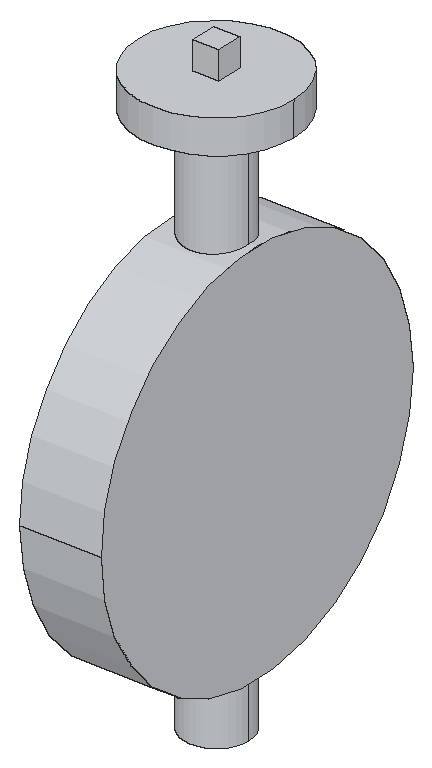
Revit family "HS497-67_disk-litina-volné vřeteno DN250-RFA_2018", category Pipe Accessories, Revit 2018
Family settings
  Round Connector Dimension = Use Diameter
  Part Type = Valve - Breaks Into
  Work Plane-Based = No
  Always vertical = Yes
  Cut with Voids When Loaded = No
  Shared = No
Parameters (values of type "HS 497-67_DN250_PN16_volné vřeteno")
  magiProductId = "b662e8305ca2402b9c510e66e6aa55"
  magiProductFamilyId = "53cea81e6f374d17b8841d9c72ad77"
  magiPartTypeId = 305
  isMeasuringValve [instance] = no
  ang2D [instance] = 0.00°
  X11 = 88.77 mm
  X1 = 36.77 mm
  W2D = 1000 mm
  VersionID = "2.0/2017.9.26.1/ZETKAMA_497_001"
  Use Minimum Symbol Size [instance] = yes
  URL = "http://www.hydronic.cz"
  Type Comments = "mezipřírubová; litinový disk; PN16; -10~+110°C (krátkodobě +120°C)"
  SW30 = no
  SW3 = no
  SW21 = no
  SW20 = no
  SW2 = no
  SW1 = yes
  R = 125 mm
  QmdConnectorList = "301;D;302;D"
  Productdata [instance] = ""
  NC = 50 mm
  Model = ""
  Manufacturer = "Hydronic Systems Prague s.r.o."
  MM20 = 36.77 mm
  MC Product Code = "123 250 (litinový disk, s volným vřetenem; DN250; PN16, kvs4555)"
  M41 = 66 mm
  M4 = 44 mm
  LHL = 220 mm
  LHH3 = 2.45 mm
  LHH1 = 46.55 mm
  LH1 = 73.333 mm
  L4R__ve = -L4R  # -12.8 mm
  L4R = 12.8 mm
  L42__ve = -L42  # -96 mm
  L42 = 96 mm
  L41__ve = -L41  # -19.2 mm
  L41 = 19.2 mm
  L2D_Min = 3048 mm
  L2D = 216 mm
  L2 = 34 mm
  L1 = 54.4 mm
  L = 68 mm
  H = 23 mm
  G22 = 11.25 mm
  G2 = 22.5 mm
  G1 = 90 mm
  G = 130 mm
  F = 22 mm
  E44 = 31.25 mm
  E42 = 62.5 mm
  E4 = 125 mm
  E23 = 4.9 mm
  E22 = 19.6 mm
  E21 = 9.8 mm
  Description = "Mezipřírubová uzavírací klapka s volným vřetenem; litinový disk, DN250; PN16; kvs4555"
  DR2 = 125 mm
  DR = 324 mm
  DD1 = 15.625 mm
  DD = 12.5 mm
  D = 250 mm
  CAT0 = yes
  B2__ve = -B2  # -85 mm
  B2 = 85 mm
  A2 = 28.25 mm
  A1 = 129.25 mm
Types (43, lengths in mm): name | magiProductId | X11 | X1 | Type Comments | SW30 | SW3 | SW20 | SW2 | SW1 | R | NC | MM20 | MC Product Code | M41 | M4 | LHL | LHH3 | LHH1 | LH1 | L4R__ve | L4R | L42__ve | L42 | L41__ve | L41 | L2 | L1 | L | H | G | F | E44 | E42 | E4 | E23 | E22 | E21 | Description | DR2 | DR | DD1 | DD | D | B2__ve | B2 | A2 | A1
  HS 497-67_DN100_PN16_volné vřeteno | "65d1b245f4f142c78569c0602d5754" | 61.456 | 25.456 | "mezipřírubová; litinový disk; PN16; -10~+110°C (krátkodobě +120°C)" | no | no | no | no | yes | 50 | 50 | 25.456 | "123 100 (litinový disk, s volným vřetenem; DN100; PN16, kvs512)" | 66 | 44 | 220 | 2.45 | 46.55 | 73.333 | -12.8 | 12.8 | -96 | 96 | -19.2 | 19.2 | 26 | 41.6 | 52 | 30 | 90 | 11 | 31.25 | 62.5 | 125 | 4.9 | 19.6 | 9.8 | "Mezipřírubová uzavírací klapka s volným vřetenem; litinový disk, DN100; PN16; kvs512" | 50 | 147 | 15.625 | 12.5 | 100 | -56 | 56 | 16.5 | 98.5
  HS 497-67_DN100_PN16_převodové kolo | "11e91b807e674d428c8e796fcdcfe2" | 61.456 | 25.456 | "mezipřírubová; litinový disk; PN16; -10~+110°C (krátkodobě +120°C)" | yes | yes | no | no | no | 50 | 50 | 25.456 | "125 100 (litinový disk, s převodovým kolem; DN100; PN16, kvs512)" | 65.25 | 43.5 | 220 | 2.45 | 46.55 | 73.333 | -12.8 | 12.8 | -96 | 96 | -19.2 | 19.2 | 26 | 41.6 | 52 | 30 | 90 | 11 | 31.25 | 62.5 | 125 | 4.9 | 19.6 | 9.8 | "Mezipřírubová uzavírací klapka s převodovým kolem; litinový disk, DN100; PN16; kvs512" | 50 | 147 | 15.625 | 12.5 | 100 | -56 | 56 | 16.5 | 98.5
  HS 497-67_DN100_PN16_s pákou | "28172f0b3f4b47b28323ac71cf8749" | 61.456 | 25.456 | "mezipřírubová; litinový disk; PN16; -10~+110°C (krátkodobě +120°C)" | no | no | yes | yes | no | 50 | 50 | 25.456 | "120 100 (litinový disk, s pákou; DN100; PN16, kvs512)" | 66 | 44 | 260 | 3 | 57 | 86.667 | -12.8 | 12.8 | -96 | 96 | -19.2 | 19.2 | 26 | 41.6 | 52 | 30 | 90 | 11 | 31.25 | 62.5 | 125 | 6 | 24 | 12 | "Mezipřírubová uzavírací klapka s pákou; litinový disk, DN100; PN16; kvs512" | 50 | 147 | 15.625 | 12.5 | 100 | -56 | 56 | 16.5 | 98.5
  HS 497-67_DN125_PN16_volné vřeteno | "0d813d910fc14f628bb3c2efbd185c" | 61.456 | 25.456 | "mezipřírubová; litinový disk; PN16; -10~+110°C (krátkodobě +120°C)" | no | no | no | no | yes | 62.5 | 50 | 25.456 | "123 125 (litinový disk, s volným vřetenem; DN125; PN16, kvs872)" | 66 | 44 | 220 | 2.45 | 46.55 | 73.333 | -12.8 | 12.8 | -96 | 96 | -19.2 | 19.2 | 28 | 44.8 | 56 | 33 | 90 | 14 | 31.25 | 62.5 | 125 | 4.9 | 19.6 | 9.8 | "Mezipřírubová uzavírací klapka s volným vřetenem; litinový disk, DN125; PN16; kvs872" | 62.5 | 180 | 15.625 | 12.5 | 125 | -64 | 64 | 18 | 99.5
  HS 497-67_DN125_PN16_převodové kolo | "c56b7c13f372467684996fb1e0e229" | 61.456 | 25.456 | "mezipřírubová; litinový disk; PN16; -10~+110°C (krátkodobě +120°C)" | yes | yes | no | no | no | 62.5 | 50 | 25.456 | "125 125 (litinový disk, s převodovým kolem; DN125; PN16, kvs872)" | 65.25 | 43.5 | 220 | 2.45 | 46.55 | 73.333 | -13.5 | 13.5 | -101.25 | 101.25 | -20.25 | 20.25 | 28 | 44.8 | 56 | 33 | 90 | 14 | 40 | 80 | 160 | 4.9 | 19.6 | 9.8 | "Mezipřírubová uzavírací klapka s převodovým kolem; litinový disk, DN125; PN16; kvs872" | 62.5 | 180 | 20 | 16 | 125 | -64 | 64 | 18 | 99.5
  HS 497-67_DN125_PN16_s pákou | "105993c79a91492399feef7931321a" | 61.456 | 25.456 | "mezipřírubová; litinový disk; PN16; -10~+110°C (krátkodobě +120°C)" | no | no | yes | yes | no | 62.5 | 50 | 25.456 | "120 125 (litinový disk, s pákou; DN125; PN16, kvs872)" | 66 | 44 | 315 | 3.75 | 71.25 | 105 | -12.8 | 12.8 | -96 | 96 | -19.2 | 19.2 | 28 | 44.8 | 56 | 33 | 90 | 14 | 31.25 | 62.5 | 125 | 7.5 | 30 | 15 | "Mezipřírubová uzavírací klapka s pákou; litinový disk, DN125; PN16; kvs872" | 62.5 | 180 | 15.625 | 12.5 | 125 | -64 | 64 | 18 | 99.5
  HS 497-67_DN150_PN16_volné vřeteno | "50c80cb8ab434f55ab7796e5ac1331" | 61.456 | 25.456 | "mezipřírubová; litinový disk; PN16; -10~+110°C (krátkodobě +120°C)" | no | no | no | no | yes | 75 | 50 | 25.456 | "123 150 (litinový disk, s volným vřetenem; DN150; PN16, kvs1347)" | 66 | 44 | 220 | 2.45 | 46.55 | 73.333 | -12.8 | 12.8 | -96 | 96 | -19.2 | 19.2 | 28 | 44.8 | 56 | 33 | 90 | 14 | 31.25 | 62.5 | 125 | 4.9 | 19.6 | 9.8 | "Mezipřírubová uzavírací klapka s volným vřetenem; litinový disk, DN150; PN16; kvs1347" | 75 | 206 | 15.625 | 12.5 | 150 | -58 | 58 | 19.3 | 98.7
  HS 497-67_DN150_PN16_převodové kolo | "d94a1a0cf83b476eb10011b327f709" | 61.456 | 25.456 | "mezipřírubová; litinový disk; PN16; -10~+110°C (krátkodobě +120°C)" | yes | yes | no | no | no | 75 | 50 | 25.456 | "125 150 (litinový disk, s převodovým kolem; DN150; PN16, kvs1347)" | 65.25 | 43.5 | 220 | 2.45 | 46.55 | 73.333 | -13.5 | 13.5 | -101.25 | 101.25 | -20.25 | 20.25 | 28 | 44.8 | 56 | 33 | 90 | 14 | 40 | 80 | 160 | 4.9 | 19.6 | 9.8 | "Mezipřírubová uzavírací klapka s převodovým kolem; litinový disk, DN150; PN16; kvs1347" | 75 | 206 | 20 | 16 | 150 | -58 | 58 | 19.3 | 98.7
  HS 497-67_DN150_PN16_s pákou | "4d2835523fe84828bc50ff0a5a0dfb" | 61.456 | 25.456 | "mezipřírubová; litinový disk; PN16; -10~+110°C (krátkodobě +120°C)" | no | no | yes | yes | no | 75 | 50 | 25.456 | "120 150 (litinový disk, s pákou; DN150; PN16, kvs1347)" | 66 | 44 | 315 | 3.75 | 71.25 | 105 | -12.8 | 12.8 | -96 | 96 | -19.2 | 19.2 | 28 | 44.8 | 56 | 33 | 90 | 14 | 31.25 | 62.5 | 125 | 7.5 | 30 | 15 | "Mezipřírubová uzavírací klapka s pákou; litinový disk, DN150; PN16; kvs1347" | 75 | 206 | 15.625 | 12.5 | 150 | -58 | 58 | 19.3 | 98.7
  HS 497-67_DN200_PN16_volné vřeteno | "5b29029eaeba47139ee1055a4b9201" | 61.456 | 25.456 | "mezipřírubová; litinový disk; PN16; -10~+110°C (krátkodobě +120°C)" | no | no | no | no | yes | 100 | 50 | 25.456 | "123 200 (litinový disk, s volným vřetenem; DN200; PN16, kvs2675)" | 66 | 44 | 220 | 2.45 | 46.55 | 73.333 | -12.8 | 12.8 | -96 | 96 | -19.2 | 19.2 | 30 | 48 | 60 | 33 | 90 | 17 | 31.25 | 62.5 | 125 | 4.9 | 19.6 | 9.8 | "Mezipřírubová uzavírací klapka s volným vřetenem; litinový disk, DN200; PN16; kvs2675" | 100 | 257 | 15.625 | 12.5 | 200 | -70 | 70 | 22.5 | 102.5
  HS 497-67_DN200_PN16_převodové kolo | "b2793cc1fcc44cf2a35062cd67c04f" | 61.456 | 25.456 | "mezipřírubová; litinový disk; PN16; -10~+110°C (krátkodobě +120°C)" | yes | yes | no | no | no | 100 | 57 | 25.456 | "125 200 (litinový disk, s převodovým kolem; DN200; PN16, kvs2675)" | 78.75 | 52.5 | 220 | 2.45 | 46.55 | 73.333 | -15.2 | 15.2 | -114 | 114 | -22.8 | 22.8 | 30 | 48 | 60 | 33 | 90 | 17 | 50 | 100 | 200 | 4.9 | 19.6 | 9.8 | "Mezipřírubová uzavírací klapka s převodovým kolem; litinový disk, DN200; PN16; kvs2675" | 100 | 257 | 25 | 20 | 200 | -70 | 70 | 22.5 | 102.5
  HS 497-67_DN200_PN16_s pákou | "f88d96c7af224537a51e72d7d8fffe" | 61.456 | 25.456 | "mezipřírubová; litinový disk; PN16; -10~+110°C (krátkodobě +120°C)" | no | no | yes | yes | no | 100 | 50 | 25.456 | "120 200 (litinový disk, s pákou; DN200; PN16, kvs2675)" | 66 | 44 | 315 | 3.75 | 71.25 | 105 | -12.8 | 12.8 | -96 | 96 | -19.2 | 19.2 | 30 | 48 | 60 | 33 | 90 | 17 | 31.25 | 62.5 | 125 | 7.5 | 30 | 15 | "Mezipřírubová uzavírací klapka s pákou; litinový disk, DN200; PN16; kvs2675" | 100 | 257 | 15.625 | 12.5 | 200 | -70 | 70 | 22.5 | 102.5
  HS 497-67_DN250_PN16_volné vřeteno | "b662e8305ca2402b9c510e66e6aa55" | 88.77 | 36.77 | "mezipřírubová; litinový disk; PN16; -10~+110°C (krátkodobě +120°C)" | no | no | no | no | yes | 125 | 50 | 36.77 | "123 250 (litinový disk, s volným vřetenem; DN250; PN16, kvs4555)" | 66 | 44 | 220 | 2.45 | 46.55 | 73.333 | -12.8 | 12.8 | -96 | 96 | -19.2 | 19.2 | 34 | 54.4 | 68 | 23 | 130 | 22 | 31.25 | 62.5 | 125 | 4.9 | 19.6 | 9.8 | "Mezipřírubová uzavírací klapka s volným vřetenem; litinový disk, DN250; PN16; kvs4555" | 125 | 324 | 15.625 | 12.5 | 250 | -85 | 85 | 28.25 | 129.25
  HS 497-67_DN250_PN16_převodové kolo | "5ee9016806664ddfaa2632711f295c" | 88.77 | 36.77 | "mezipřírubová; litinový disk; PN16; -10~+110°C (krátkodobě +120°C)" | yes | yes | no | no | no | 125 | 70 | 36.77 | "125 250 (litinový disk, s převodovým kolem; DN250; PN16, kvs4555)" | 91.5 | 61 | 220 | 2.45 | 46.55 | 73.333 | -22.2 | 22.2 | -166.5 | 166.5 | -33.3 | 33.3 | 34 | 54.4 | 68 | 23 | 130 | 22 | 62.5 | 125 | 250 | 4.9 | 19.6 | 9.8 | "Mezipřírubová uzavírací klapka s převodovým kolem; litinový disk, DN250; PN16; kvs4555" | 125 | 324 | 31.25 | 25 | 250 | -85 | 85 | 28.25 | 129.25
  HS 497-67_DN300_PN16_volné vřeteno | "e1886f51ff004380a649519258edf2" | 88.77 | 36.77 | "mezipřírubová; litinový disk; PN16; -10~+110°C (krátkodobě +120°C)" | no | no | no | no | yes | 150 | 50 | 36.77 | "123 300 (litinový disk, s volným vřetenem; DN300; PN16, kvs7037)" | 66 | 44 | 220 | 2.45 | 46.55 | 73.333 | -12.8 | 12.8 | -96 | 96 | -19.2 | 19.2 | 39 | 62.4 | 78 | 23 | 130 | 22 | 31.25 | 62.5 | 125 | 4.9 | 19.6 | 9.8 | "Mezipřírubová uzavírací klapka s volným vřetenem; litinový disk, DN300; PN16; kvs7037" | 150 | 376 | 15.625 | 12.5 | 300 | -90 | 90 | 30.8 | 127.2
  HS 497-67_DN300_PN16_převodové kolo | "6860f094f77d42088fbebc3c97f755" | 88.77 | 36.77 | "mezipřírubová; litinový disk; PN16; -10~+110°C (krátkodobě +120°C)" | yes | yes | no | no | no | 150 | 70 | 36.77 | "125 300 (litinový disk, s převodovým kolem; DN300; PN16, kvs7037)" | 91.5 | 61 | 220 | 2.45 | 46.55 | 73.333 | -22.2 | 22.2 | -166.5 | 166.5 | -33.3 | 33.3 | 39 | 62.4 | 78 | 23 | 130 | 22 | 62.5 | 125 | 250 | 4.9 | 19.6 | 9.8 | "Mezipřírubová uzavírací klapka s převodovým kolem; litinový disk, DN300; PN16; kvs7037" | 150 | 376 | 31.25 | 25 | 300 | -90 | 90 | 30.8 | 127.2
  HS 497-67_DN032_PN16_volné vřeteno | "8c5f65de52aa4067a77564107e31b2" | 61.456 | 25.456 | "mezipřírubová; litinový disk; PN16; -10~+110°C (krátkodobě +120°C)" | no | no | no | no | yes | 16 | 50 | 25.456 | "123 032 (litinový disk, s volným vřetenem; DN32; PN16, kvs78)" | 66 | 44 | 220 | 2.45 | 46.55 | 73.333 | -12.8 | 12.8 | -96 | 96 | -19.2 | 19.2 | 16.5 | 26.4 | 33 | 30 | 90 | 11 | 31.25 | 62.5 | 125 | 4.9 | 19.6 | 9.8 | "Mezipřírubová uzavírací klapka s volným vřetenem; litinový disk, DN32; PN16; kvs78" | 16 | 68 | 15.625 | 12.5 | 32 | -44.2 | 44.2 | 10.25 | 76.25
  HS 497-67_DN032_PN16_převodové kolo | "60aaeffa8b3a4e809ef000e4660060" | 61.456 | 25.456 | "mezipřírubová; litinový disk; PN16; -10~+110°C (krátkodobě +120°C)" | yes | yes | no | no | no | 16 | 50 | 25.456 | "125 032 (litinový disk, s převodovým kolem; DN32; PN16, kvs78)" | 65.25 | 43.5 | 220 | 2.45 | 46.55 | 73.333 | -12.8 | 12.8 | -96 | 96 | -19.2 | 19.2 | 16.5 | 26.4 | 33 | 30 | 90 | 11 | 31.25 | 62.5 | 125 | 4.9 | 19.6 | 9.8 | "Mezipřírubová uzavírací klapka s převodovým kolem; litinový disk, DN32; PN16; kvs78" | 16 | 68 | 15.625 | 12.5 | 32 | -44.2 | 44.2 | 10.25 | 76.25
  HS 497-67_DN032_PN16_s pákou | "9ad8088d610749a1b871aa2aad8007" | 61.456 | 25.456 | "mezipřírubová; litinový disk; PN16; -10~+110°C (krátkodobě +120°C)" | no | no | yes | yes | no | 16 | 50 | 25.456 | "120 032 (litinový disk, s pákou; DN32; PN16, kvs78)" | 66 | 44 | 220 | 2.45 | 46.55 | 73.333 | -12.8 | 12.8 | -96 | 96 | -19.2 | 19.2 | 16.5 | 26.4 | 33 | 30 | 90 | 11 | 31.25 | 62.5 | 125 | 4.9 | 19.6 | 9.8 | "Mezipřírubová uzavírací klapka s pákou; litinový disk, DN32; PN16; kvs78" | 16 | 68 | 15.625 | 12.5 | 32 | -44.2 | 44.2 | 10.25 | 76.25
  HS 497-67_DN350_PN10_volné vřeteno | "72a1e05f22944421b7e9596a877137" | 109.255 | 45.255 | "mezipřírubová; litinový disk; PN10; -10~+110°C (krátkodobě +120°C)" | no | no | no | no | yes | 175 | 50 | 45.255 | "123 350 (litinový disk, s volným vřetenem; DN350; PN10, kvs10165)" | 66 | 44 | 220 | 2.45 | 46.55 | 73.333 | -12.8 | 12.8 | -96 | 96 | -19.2 | 19.2 | 39 | 62.4 | 78 | 31 | 160 | 22 | 31.25 | 62.5 | 125 | 4.9 | 19.6 | 9.8 | "Mezipřírubová uzavírací klapka s volným vřetenem; litinový disk, DN350; PN10; kvs10165" | 175 | 430 | 15.625 | 12.5 | 350 | -88 | 88 | 33.85 | 129.65
  HS 497-67_DN350_PN10_převodové kolo | "a5a01426cb28494ba3afca92f1dace" | 109.255 | 45.255 | "mezipřírubová; litinový disk; PN10; -10~+110°C (krátkodobě +120°C)" | yes | yes | no | no | no | 175 | 70 | 45.255 | "125 350 (litinový disk, s převodovým kolem; DN350; PN10, kvs10165)" | 91.5 | 61 | 220 | 2.45 | 46.55 | 73.333 | -22.2 | 22.2 | -166.5 | 166.5 | -33.3 | 33.3 | 39 | 62.4 | 78 | 31 | 160 | 22 | 62.5 | 125 | 250 | 4.9 | 19.6 | 9.8 | "Mezipřírubová uzavírací klapka s převodovým kolem; litinový disk, DN350; PN10; kvs10165" | 175 | 430 | 31.25 | 25 | 350 | -88 | 88 | 33.85 | 129.65
  HS 497-67_DN400_PN10_volné vřeteno | "c70ebeb927c04ab99b176e257ad0a7" | 109.255 | 45.255 | "mezipřírubová; litinový disk; PN10; -10~+110°C (krátkodobě +120°C)" | no | no | no | no | yes | 200 | 50 | 45.255 | "123 400 (litinový disk, s volným vřetenem; DN400; PN10, kvs13799)" | 66 | 44 | 220 | 2.45 | 46.55 | 73.333 | -12.8 | 12.8 | -96 | 96 | -19.2 | 19.2 | 51 | 81.6 | 102 | 31 | 160 | 27 | 31.25 | 62.5 | 125 | 4.9 | 19.6 | 9.8 | "Mezipřírubová uzavírací klapka s volným vřetenem; litinový disk, DN400; PN10; kvs13799" | 200 | 485 | 15.625 | 12.5 | 400 | -108 | 108 | 38 | 142
  HS 497-67_DN400_PN10_převodové kolo | "cc64a4384dcb41b780d81810f4f293" | 109.255 | 45.255 | "mezipřírubová; litinový disk; PN10; -10~+110°C (krátkodobě +120°C)" | yes | yes | no | no | no | 200 | 72.5 | 45.255 | "125 400 (litinový disk, s převodovým kolem; DN400; PN10, kvs13799)" | 103.5 | 69 | 220 | 2.45 | 46.55 | 73.333 | -27.8 | 27.8 | -208.5 | 208.5 | -41.7 | 41.7 | 51 | 81.6 | 102 | 31 | 160 | 27 | 75 | 150 | 300 | 4.9 | 19.6 | 9.8 | "Mezipřírubová uzavírací klapka s převodovým kolem; litinový disk, DN400; PN10; kvs13799" | 200 | 485 | 37.5 | 30 | 400 | -108 | 108 | 38 | 142
  HS 497-67_DN040_PN16_volné vřeteno | "35f92312390745e88df5b5c325d9ee" | 61.456 | 25.456 | "mezipřírubová; litinový disk; PN16; -10~+110°C (krátkodobě +120°C)" | no | no | no | no | yes | 20 | 50 | 25.456 | "123 040 (litinový disk, s volným vřetenem; DN40; PN16, kvs78)" | 66 | 44 | 220 | 2.45 | 46.55 | 73.333 | -12.8 | 12.8 | -96 | 96 | -19.2 | 19.2 | 16.5 | 26.4 | 33 | 30 | 90 | 11 | 31.25 | 62.5 | 125 | 4.9 | 19.6 | 9.8 | "Mezipřírubová uzavírací klapka s volným vřetenem; litinový disk, DN40; PN16; kvs78" | 20 | 76 | 15.625 | 12.5 | 40 | -36 | 36 | 11 | 79
  HS 497-67_DN040_PN16_převodové kolo | "d88e968eae3445bc9b7b4e6ff35127" | 61.456 | 25.456 | "mezipřírubová; litinový disk; PN16; -10~+110°C (krátkodobě +120°C)" | yes | yes | no | no | no | 20 | 50 | 25.456 | "125 040 (litinový disk, s převodovým kolem; DN40; PN16, kvs78)" | 65.25 | 43.5 | 220 | 2.45 | 46.55 | 73.333 | -12.8 | 12.8 | -96 | 96 | -19.2 | 19.2 | 16.5 | 26.4 | 33 | 30 | 90 | 11 | 31.25 | 62.5 | 125 | 4.9 | 19.6 | 9.8 | "Mezipřírubová uzavírací klapka s převodovým kolem; litinový disk, DN40; PN16; kvs78" | 20 | 76 | 15.625 | 12.5 | 40 | -36 | 36 | 11 | 79
  HS 497-67_DN040_PN16_s pákou | "c1b522ca65b4407a98818f232eaacb" | 61.456 | 25.456 | "mezipřírubová; litinový disk; PN16; -10~+110°C (krátkodobě +120°C)" | no | no | yes | yes | no | 20 | 50 | 25.456 | "120 040 (litinový disk, s pákou; DN40; PN16, kvs78)" | 66 | 44 | 220 | 2.45 | 46.55 | 73.333 | -12.8 | 12.8 | -96 | 96 | -19.2 | 19.2 | 16.5 | 26.4 | 33 | 30 | 90 | 11 | 31.25 | 62.5 | 125 | 4.9 | 19.6 | 9.8 | "Mezipřírubová uzavírací klapka s pákou; litinový disk, DN40; PN16; kvs78" | 20 | 76 | 15.625 | 12.5 | 40 | -36 | 36 | 11 | 79
  HS 497-67_DN450_PN10_volné vřeteno | "a8358bc282f14872b3194e530e590a" | 129.74 | 53.74 | "mezipřírubová; litinový disk; PN10; -10~+110°C (krátkodobě +120°C)" | no | no | no | no | yes | 225 | 50 | 53.74 | "123 450 (litinový disk, s volným vřetenem; DN450; PN10, kvs18514)" | 66 | 44 | 220 | 2.45 | 46.55 | 73.333 | -12.8 | 12.8 | -96 | 96 | -19.2 | 19.2 | 57 | 91.2 | 114 | 38 | 190 | 36 | 31.25 | 62.5 | 125 | 4.9 | 19.6 | 9.8 | "Mezipřírubová uzavírací klapka s volným vřetenem; litinový disk, DN450; PN10; kvs18514" | 225 | 536 | 15.625 | 12.5 | 450 | -115 | 115 | 38.05 | 117.45
  HS 497-67_DN450_PN10_převodové kolo | "cdf2d80f54a9414f9cbe50647c0ebd" | 129.74 | 53.74 | "mezipřírubová; litinový disk; PN10; -10~+110°C (krátkodobě +120°C)" | yes | yes | no | no | no | 225 | 91.5 | 53.74 | "125 450 (litinový disk, s převodovým kolem; DN450; PN10, kvs18514)" | 144.75 | 96.5 | 220 | 2.45 | 46.55 | 73.333 | -32.1 | 32.1 | -240.75 | 240.75 | -48.15 | 48.15 | 57 | 91.2 | 114 | 38 | 190 | 36 | 100 | 200 | 400 | 4.9 | 19.6 | 9.8 | "Mezipřírubová uzavírací klapka s převodovým kolem; litinový disk, DN450; PN10; kvs18514" | 225 | 536 | 50 | 40 | 450 | -115 | 115 | 38.05 | 117.45
  HS 497-67_DN500_PN10_volné vřeteno | "8c396e27bb2743f98f3c762b6517cd" | 143.397 | 59.397 | "mezipřírubová; litinový disk; PN10; -10~+110°C (krátkodobě +120°C)" | no | no | no | no | yes | 250 | 50 | 59.397 | "123 500 (litinový disk, s volným vřetenem; DN500; PN10, kvs23805)" | 66 | 44 | 220 | 2.45 | 46.55 | 73.333 | -12.8 | 12.8 | -96 | 96 | -19.2 | 19.2 | 63.5 | 101.6 | 127 | 38 | 210 | 36 | 31.25 | 62.5 | 125 | 4.9 | 19.6 | 9.8 | "Mezipřírubová uzavírací klapka s volným vřetenem; litinový disk, DN500; PN10; kvs23805" | 250 | 593 | 15.625 | 12.5 | 500 | -130 | 130 | 43.25 | 139.25
  HS 497-67_DN500_PN10_převodové kolo | "7647804f32e94cef828a7034a91a46" | 143.397 | 59.397 | "mezipřírubová; litinový disk; PN10; -10~+110°C (krátkodobě +120°C)" | yes | yes | no | no | no | 250 | 91.5 | 59.397 | "125 500 (litinový disk, s převodovým kolem; DN500; PN10, kvs23805)" | 144.75 | 96.5 | 220 | 2.45 | 46.55 | 73.333 | -32.1 | 32.1 | -240.75 | 240.75 | -48.15 | 48.15 | 63.5 | 101.6 | 127 | 38 | 210 | 36 | 100 | 200 | 400 | 4.9 | 19.6 | 9.8 | "Mezipřírubová uzavírací klapka s převodovým kolem; litinový disk, DN500; PN10; kvs23805" | 250 | 593 | 50 | 40 | 500 | -130 | 130 | 43.25 | 139.25
  HS 497-67_DN050_volné vřeteno | "d71f296ecd6d4adf8f6e5d9853b4e0" | 61.456 | 25.456 | "mezipřírubová; litinový disk; PN16; -10~+110°C (krátkodobě +120°C)" | no | no | no | no | yes | 25 | 50 | 25.456 | "123 050 (litinový disk, s volným vřetenem; DN50; PN16, kvs98)" | 66 | 44 | 220 | 2.45 | 46.55 | 73.333 | -12.8 | 12.8 | -96 | 96 | -19.2 | 19.2 | 21.5 | 34.4 | 43 | 30 | 90 | 11 | 31.25 | 62.5 | 125 | 4.9 | 19.6 | 9.8 | "Mezipřírubová uzavírací klapka s volným vřetenem; litinový disk, DN50; PN16; kvs98" | 25 | 100 | 15.625 | 12.5 | 50 | -36.5 | 36.5 | 12 | 83
  HS 497-67_DN050_PN16_převodové kolo | "2fb080deeaed49c58418b94c1da5a4" | 61.456 | 25.456 | "mezipřírubová; litinový disk; PN16; -10~+110°C (krátkodobě +120°C)" | yes | yes | no | no | no | 25 | 50 | 25.456 | "125 050 (litinový disk, s převodovým kolem; DN50; PN16, kvs98)" | 65.25 | 43.5 | 220 | 2.45 | 46.55 | 73.333 | -12.8 | 12.8 | -96 | 96 | -19.2 | 19.2 | 21.5 | 34.4 | 43 | 30 | 90 | 11 | 31.25 | 62.5 | 125 | 4.9 | 19.6 | 9.8 | "Mezipřírubová uzavírací klapka s převodovým kolem; litinový disk, DN50; PN16; kvs98" | 25 | 100 | 15.625 | 12.5 | 50 | -36.5 | 36.5 | 12 | 83
  HS 497-67_DN050_PN16_s pákou | "dabc632061f94877a994b9b4e68112" | 61.456 | 25.456 | "mezipřírubová; litinový disk; PN16; -10~+110°C (krátkodobě +120°C)" | no | no | yes | yes | no | 25 | 50 | 25.456 | "120 050 (litinový disk, s pákou; DN50; PN16, kvs98)" | 66 | 44 | 220 | 2.45 | 46.55 | 73.333 | -12.8 | 12.8 | -96 | 96 | -19.2 | 19.2 | 21.5 | 34.4 | 43 | 30 | 90 | 11 | 31.25 | 62.5 | 125 | 4.9 | 19.6 | 9.8 | "Mezipřírubová uzavírací klapka s pákou; litinový disk, DN50; PN16; kvs98" | 25 | 100 | 15.625 | 12.5 | 50 | -36.5 | 36.5 | 12 | 83
  HS 497-67_DN600_PN10_volné vřeteno | "99d5892c14664fce81a7c5903f7711" | 143.397 | 59.397 | "mezipřírubová; litinový disk; PN10; -10~+110°C (krátkodobě +120°C)" | no | no | no | no | yes | 300 | 50 | 59.397 | "123 600 (litinový disk, s volným vřetenem; DN600; PN10, kvs36778)" | 66 | 44 | 220 | 2.45 | 46.55 | 73.333 | -12.8 | 12.8 | -96 | 96 | -19.2 | 19.2 | 77 | 123.2 | 154 | 80 | 210 | 60 | 31.25 | 62.5 | 125 | 4.9 | 19.6 | 9.8 | "Mezipřírubová uzavírací klapka s volným vřetenem; litinový disk, DN600; PN10; kvs36788" | 300 | 690 | 15.625 | 12.5 | 600 | -140 | 140 | 49.4 | 144.6
  HS 497-67_DN600_PN10_převodové kolo | "b1e26faab48a4c499f6bb11e7e3002" | 143.397 | 59.397 | "mezipřírubová; litinový disk; PN10; -10~+110°C (krátkodobě +120°C)" | yes | yes | no | no | no | 300 | 140 | 59.397 | "125 600 (litinový disk, s převodovým kolem; DN600; PN10, kvs36778)" | 206.25 | 137.5 | 220 | 2.45 | 46.55 | 73.333 | -40.8 | 40.8 | -306 | 306 | -61.2 | 61.2 | 77 | 123.2 | 154 | 80 | 210 | 60 | 125 | 250 | 500 | 4.9 | 19.6 | 9.8 | "Mezipřírubová uzavírací klapka s převodovým kolem; litinový disk, DN600; PN10; kvs36788" | 300 | 690 | 62.5 | 50 | 600 | -140 | 140 | 49.4 | 144.6
  HS 497-67_DN065_PN16_volné vřeteno | "5e5e208646e34ec29f889baab5d08e" | 61.456 | 25.456 | "mezipřírubová; litinový disk; PN16; -10~+110°C (krátkodobě +120°C)" | no | no | no | no | yes | 32.5 | 50 | 25.456 | "123 065 (litinový disk, s volným vřetenem; DN65; PN16, kvs167)" | 66 | 44 | 220 | 2.45 | 46.55 | 73.333 | -12.8 | 12.8 | -96 | 96 | -19.2 | 19.2 | 23 | 36.8 | 46 | 30 | 90 | 11 | 31.25 | 62.5 | 125 | 4.9 | 19.6 | 9.8 | "Mezipřírubová uzavírací klapka s volným vřetenem; litinový disk, DN65; PN16; kv167" | 32.5 | 108 | 15.625 | 12.5 | 65 | -36.5 | 36.5 | 13.5 | 89
  HS 497-67_DN065_PN16_převodové kolo | "654d74c8d15540b0bfe523d988ccb3" | 61.456 | 25.456 | "mezipřírubová; litinový disk; PN16; -10~+110°C (krátkodobě +120°C)" | yes | yes | no | no | no | 32.5 | 50 | 25.456 | "125 065 (litinový disk, s převodovým kolem; DN65; PN16, kvs167)" | 65.25 | 43.5 | 220 | 2.45 | 46.55 | 73.333 | -12.8 | 12.8 | -96 | 96 | -19.2 | 19.2 | 23 | 36.8 | 46 | 30 | 90 | 11 | 31.25 | 62.5 | 125 | 4.9 | 19.6 | 9.8 | "Mezipřírubová uzavírací klapka s převodovým kolem; litinový disk, DN65; PN16; kvs167" | 32.5 | 108 | 15.625 | 12.5 | 65 | -36.5 | 36.5 | 13.5 | 89
  HS 497-67_DN065_PN16_s pákou | "ebeb4b59db0641caaf6d6635ab37b9" | 61.456 | 25.456 | "mezipřírubová; litinový disk; PN16; -10~+110°C (krátkodobě +120°C)" | no | no | yes | yes | no | 32.5 | 50 | 25.456 | "120 065 (litinový disk, s pákou; DN65; PN16, kvs167)" | 66 | 44 | 220 | 2.45 | 46.55 | 73.333 | -12.8 | 12.8 | -96 | 96 | -19.2 | 19.2 | 23 | 36.8 | 46 | 30 | 90 | 11 | 31.25 | 62.5 | 125 | 4.9 | 19.6 | 9.8 | "Mezipřírubová uzavírací klapka s pákou; litinový disk, DN65; PN16; kvs167" | 32.5 | 108 | 15.625 | 12.5 | 65 | -36.5 | 36.5 | 13.5 | 89
  HS 497-67_DN080_PN16_volné vřeteno | "9e85c75c18654e1185a9c48ed6b00e" | 61.456 | 25.456 | "mezipřírubová; litinový disk; PN16; -10~+110°C (krátkodobě +120°C)" | no | no | no | no | yes | 40 | 50 | 25.456 | "123 080 (litinový disk, s volným vřetenem; DN80; PN16, kvs258)" | 66 | 44 | 220 | 2.45 | 46.55 | 73.333 | -12.8 | 12.8 | -96 | 96 | -19.2 | 19.2 | 23 | 36.8 | 46 | 30 | 90 | 11 | 31.25 | 62.5 | 125 | 4.9 | 19.6 | 9.8 | "Mezipřírubová uzavírací klapka s volným vřetenem; litinový disk, DN80; PN16; kvs258" | 40 | 124 | 15.625 | 12.5 | 80 | -54 | 54 | 14.1 | 86.9
  HS 497-67_DN080_PN16_převodové kolo | "5b3c8238c3d041e68c75b199e7ea46" | 61.456 | 25.456 | "mezipřírubová; litinový disk; PN16; -10~+110°C (krátkodobě +120°C)" | yes | yes | no | no | no | 40 | 50 | 25.456 | "125 080 (litinový disk, s převodovým kolem; DN80; PN16, kvs258)" | 65.25 | 43.5 | 220 | 2.45 | 46.55 | 73.333 | -12.8 | 12.8 | -96 | 96 | -19.2 | 19.2 | 23 | 36.8 | 46 | 30 | 90 | 11 | 31.25 | 62.5 | 125 | 4.9 | 19.6 | 9.8 | "Mezipřírubová uzavírací klapka s převodovým kolem; litinový disk, DN80; PN16; kvs258" | 40 | 124 | 15.625 | 12.5 | 80 | -54 | 54 | 14.1 | 86.9
  HS 497-67_DN080_PN16_s pákou | "e414795fab0f4eccb99bc3572c5477" | 61.456 | 25.456 | "mezipřírubová; litinový disk; PN16; -10~+110°C (krátkodobě +120°C)" | no | no | yes | yes | no | 40 | 50 | 25.456 | "120 080 (litinový disk, s pákou; DN80; PN16, kvs258)" | 66 | 44 | 260 | 3 | 57 | 86.667 | -12.8 | 12.8 | -96 | 96 | -19.2 | 19.2 | 23 | 36.8 | 46 | 30 | 90 | 11 | 31.25 | 62.5 | 125 | 6 | 24 | 12 | "Mezipřírubová uzavírací klapka s pákou; litinový disk, DN80; PN16; kvs258" | 40 | 124 | 15.625 | 12.5 | 80 | -54 | 54 | 14.1 | 86.9
  HS 497-67_DN250_PN16_s pákou | "" | 88.77 | 36.77 | "mezipřírubová; litinový disk; PN16; -10~+110°C (krátkodobě +120°C)" | no | no | yes | yes | no | 125 | 70 | 36.77 | "120 250 (litinový disk, s pákou; DN250; PN16, kvs4555)" | 91.5 | 61 | 220 | 2.45 | 46.55 | 73.333 | -22.2 | 22.2 | -166.5 | 166.5 | -33.3 | 33.3 | 34 | 54.4 | 68 | 23 | 130 | 22 | 62.5 | 125 | 250 | 4.9 | 19.6 | 9.8 | "Mezipřírubová uzavírací klapka s pákou; litinový disk, DN250; PN16; kvs4555" | 125 | 324 | 31.25 | 25 | 250 | -85 | 85 | 28.25 | 129.25
  HS 497-67_DN300_PN16_s pákou | "" | 88.77 | 36.77 | "mezipřírubová; litinový disk; PN16; -10~+110°C (krátkodobě +120°C)" | no | no | yes | yes | no | 150 | 70 | 36.77 | "120 300 (litinový disk, s pákou; DN300; PN16, kvs7037)" | 91.5 | 61 | 220 | 2.45 | 46.55 | 73.333 | -22.2 | 22.2 | -166.5 | 166.5 | -33.3 | 33.3 | 39 | 62.4 | 78 | 23 | 130 | 22 | 62.5 | 125 | 250 | 4.9 | 19.6 | 9.8 | "Mezipřírubová uzavírací klapka s pákou; litinový disk, DN300; PN16; kvs7037" | 150 | 376 | 31.25 | 25 | 300 | -90 | 90 | 30.8 | 127.2
Reference planes
  plane 1 "Center (Front/Back)": y = 0
  plane 2 "XYPLANE": z = 0
  plane 3 "Center (Left/Right)": x = 0
  plane 4 "473": x = -36.77
  plane 5 "472": x = -66
  plane 6 "471": y = -36.77
  plane 7 "470": y = 36.77
  plane 8 "469": x = -44
  plane 9 "468": y = -115.2
  plane 10 "467": y = -96
  plane 11 "466": z = 313.75
  plane 12 "465": z = 329.05
  plane 13 "464": y = 145.417
  plane 14 "463": z = 319.25
  plane 15 "462": z = 302.1
  plane 16 "461": z = 311.9
  plane 17 "460": y = 72.083
  plane 18 "459": x = -11.25
  plane 19 "458": x = 11.25
  plane 20 "457": y = -6.25
  plane 21 "456": x = -17.5
  plane 22 "455": x = 17.5
  plane 23 "454": z = 316.8
  plane 24 "453": y = 62.083
  plane 25 "452": y = -11.25
  plane 26 "451": x = -22.5
  plane 27 "450": x = 22.5
  plane 28 "449": z = 297.2
  plane 29 "448": z = 292.3
  plane 30 "447": z = -125
  plane 31 "446": z = 282.5
  plane 32 "445": z = 254.25
  plane 33 "444": z = 125
  plane 34 "443": x = 34
  plane 35 "442": x = -34
  plane 36 "441": z = 0
  plane 37 "440": y = 0
  plane 38 "439": x = 0
  plane 39 "438": z = 331.5
  plane 40 "437": z = 316.8
  plane 41 "436": x = 13.7
  plane 42 "435": x = -13.7
  plane 43 "434": y = 220
Forms (mm)
  Extrusion 1, solid, visible <- "SW3"
    sketch origin (-750, 0, 282.5) x (1, 0, 0) y (0, 1, 0)
      loop
        line (684, 36.77) -> (684, -36.77) -> (713.23, -36.77)
        arc (713.23, -36.77) -> (802, 0) -> (713.23, 36.77) r 52
        line (713.23, 36.77) -> (684, 36.77)
    from 0 to 62.5 <- "E42"
  Extrusion 2, solid, visible <- "SW30"
    sketch origin (0, -750, 0) x (0, 1, 0) y (0, 0, 1)
      loop
        circle (750, 313.75) r 7.813
    from 0 to 50 <- "NC"
  Extrusion 3, solid, visible <- "SW30"
    sketch origin (750, -115.2, 0) x (-1, 0, 0) y (0, 0, 1)
      loop
        circle (794, 313.75) r 62.5
    from 0 to -12.8 <- "L4R__ve"
  Extrusion 4, solid, visible <- "SW3"
    sketch origin (750, -96, 0) x (-1, 0, 0) y (0, 0, 1)
      loop
        circle (794, 313.75) r 7.813
    from 0 to -19.2 <- "L41__ve"
  Extrusion 5, solid, visible <- "SW30"
    sketch origin (750, 0, 0) x (-1, 0, 0) y (0, 0, 1)
      loop
        circle (794, 313.75) r 6.25
    from 0 to -96 <- "L42__ve"
  Blend 6, solid, visible <- "SW21"
    base sketch origin (750, 72.083, 0) x (-1, 0, 0) y (0, 0, 1)
      loop
        line (761.25, 311.9) -> (738.75, 311.9) -> (738.75, 302.1) -> (761.25, 302.1) -> (761.25, 311.9)
    top sketch origin (750, 72.083, 0) x (-1, 0, 0) y (0, 0, 1)
      loop
        line (761.25, 329.05) -> (738.75, 329.05) -> (738.75, 319.25) -> (761.25, 319.25) -> (761.25, 329.05)
    from 0 to 73.333
  Blend 7, solid, visible <- "SW21"
    base sketch origin (750, 62.083, 0) x (-1, 0, 0) y (0, 0, 1)
      loop
        line (761.25, 316.8) -> (738.75, 316.8) -> (738.75, 297.2) -> (761.25, 297.2) -> (761.25, 316.8)
    top sketch origin (750, 62.083, 0) x (-1, 0, 0) y (0, 0, 1)
      loop
        line (761.25, 311.9) -> (738.75, 311.9) -> (738.75, 302.1) -> (761.25, 302.1) -> (761.25, 311.9)
    from 0 to 10
  Blend 8, solid, visible <- "SW21"
    base sketch origin (-750, 0, 297.2) x (1, 0, 0) y (0, 1, 0)
      loop
        line (772.5, 62.083) -> (727.5, 62.083) -> (727.5, -11.25)
        arc (727.5, -11.25) -> (750, -31.25) -> (772.5, -11.25) r 22.656
        line (772.5, -11.25) -> (772.5, 62.083)
    top sketch origin (-750, 0, 297.2) x (1, 0, 0) y (0, 1, 0)
      loop
        line (767.5, 62.083) -> (732.5, 62.083) -> (732.5, -6.25)
        arc (732.5, -6.25) -> (750, -26.25) -> (767.5, -6.25) r 17.656
        line (767.5, -6.25) -> (767.5, 62.083)
    from 0 to 19.6
  Extrusion 9, solid, visible <- "SW2"
    sketch origin (-750, 0, 292.3) x (1, 0, 0) y (0, 1, 0)
      loop
        circle (750, 0) r 11.25
    from 0 to 4.9 <- "E23"
  Extrusion 10, solid, visible <- "SW2"
    sketch origin (-750, 0, 282.5) x (1, 0, 0) y (0, 1, 0)
      loop
        circle (750, 0) r 45
    from 0 to 9.8 <- "E21"
  Extrusion 11, solid, visible <- "CAT0"
    sketch origin (-750, 0, -125) x (1, 0, 0) y (0, 1, 0)
      loop
        circle (750, 0) r 27.2
    from 0 to -85 <- "B2__ve"
  Extrusion 12, solid, visible <- "CAT0"
    sketch origin (-750, 0, 254.25) x (1, 0, 0) y (0, 1, 0)
      loop
        circle (750, 0) r 65
    from 0 to 28.25 <- "A2"
  Extrusion 13, solid, visible <- "CAT0"
    sketch origin (-750, 0, 125) x (1, 0, 0) y (0, 1, 0)
      loop
        circle (750, 0) r 27.2
    from 0 to 129.25 <- "A1"
  Extrusion 14, solid, visible <- "CAT0"
    sketch origin (-34, -750, 0) x (0, 1, 0) y (0, 0, 1)
      loop
        circle (750, 0) r 162
    from 0 to 68 <- "L"
  Extrusion 15, solid, visible <- "SW1"
    sketch origin (-750, 0, 282.5) x (1, 0, 0) y (0, 1, 0)
      loop
        line (761, 11) -> (739, 11) -> (739, -11) -> (761, -11) -> (761, 11)
    from 0 to 23 <- "H"
  Blend 16, solid, visible <- "SW2"
    base sketch origin (750, 145.417, 0) x (-1, 0, 0) y (0, 0, 1)
      loop
        arc (763.7, 326.5) -> (762.236, 330.036) -> (758.7, 331.5) r 5
        line (758.7, 331.5) -> (741.3, 331.5)
        arc (741.3, 331.5) -> (737.764, 330.036) -> (736.3, 326.5) r 5
        line (736.3, 326.5) -> (736.3, 321.8)
        arc (736.3, 321.8) -> (737.764, 318.264) -> (741.3, 316.8) r 5
        line (741.3, 316.8) -> (758.7, 316.8)
        arc (758.7, 316.8) -> (762.236, 318.264) -> (763.7, 321.8) r 5
        line (763.7, 321.8) -> (763.7, 326.5)
    top sketch origin (750, 145.417, 0) x (-1, 0, 0) y (0, 0, 1)
      loop
        arc (763.7, 326.5) -> (762.236, 330.036) -> (758.7, 331.5) r 5
        line (758.7, 331.5) -> (741.3, 331.5)
        arc (741.3, 331.5) -> (737.764, 330.036) -> (736.3, 326.5) r 5
        line (736.3, 326.5) -> (736.3, 321.8)
        arc (736.3, 321.8) -> (737.764, 318.264) -> (741.3, 316.8) r 5
        line (741.3, 316.8) -> (758.7, 316.8)
        arc (758.7, 316.8) -> (762.236, 318.264) -> (763.7, 321.8) r 5
        line (763.7, 321.8) -> (763.7, 326.5)
    from 0 to 74.583
  Blend 17, solid, visible <- "SW20"
    base sketch origin (750, 145.417, 0) x (-1, 0, 0) y (0, 0, 1)
      loop
        line (763.7, 331.5) -> (736.3, 331.5) -> (736.3, 316.8) -> (763.7, 316.8) -> (763.7, 331.5)
    top sketch origin (750, 145.417, 0) x (-1, 0, 0) y (0, 0, 1)
      loop
        line (761.25, 316.8) -> (738.75, 316.8) -> (738.75, 297.2) -> (761.25, 297.2) -> (761.25, 316.8)
    from 0 to -83.333
  Extrusion 18, solid, visible <- "SW20"
    sketch origin (-750, 0, 297.2) x (1, 0, 0) y (0, 1, 0)
      loop
        line (772.5, 62.083) -> (727.5, 62.083) -> (727.5, -11.25)
        arc (727.5, -11.25) -> (750, -31.25) -> (772.5, -11.25) r 22.656
        line (772.5, -11.25) -> (772.5, 62.083)
    from 0 to 19.6 <- "E22"
  Extrusion 19, solid, not visible
    sketch origin (-34, -750, 0) x (0, 1, 0) y (0, 0, 1)
      loop
        circle (750, 0) r 10
    from 0 to 10
  Extrusion 20, solid, not visible
    sketch origin (34, -750, 0) x (0, 1, 0) y (0, 0, 1)
      loop
        circle (750, 0) r 10
    from 0 to -10
Lines and regions (mm)
  reference lines, not visible
    curve 1: circle (2, 2, 0) r 1 normal (0, 0, 1)
  reference lines
    curve 2: line (-36.77, -36.77, 282.5) -> (-36.77, 36.77, 282.5)
    curve 3: line (-17.5, -6.25, 297.2) -> (17.5, -6.25, 297.2)
    curve 4: line (-22.5, -11.25, 297.2) -> (22.5, -11.25, 297.2)
    curve 5: circle (0, 0, 282.5) r 1 normal (0, 0, 1)
    curve 6: line (-22.5, -11.25, 297.2) -> (22.5, -11.25, 297.2)
Dimensions and locks
  plane 1 "Center (Front/Back)" to curve 1 = 2 mm
  "X1": plane 3 "Center (Left/Right)" to plane 4 "473"
  "M41": plane 3 "Center (Left/Right)" to plane 5 "472"
  "MM20": plane 1 "Center (Front/Back)" to plane 6 "471"
  "MM20": plane 1 "Center (Front/Back)" to plane 7 "470"
  "M4": plane 3 "Center (Left/Right)" to plane 8 "469"
  "L41": plane 10 "467" to plane 9 "468"
  "L42": plane 1 "Center (Front/Back)" to plane 10 "467"
  "E44": plane 31 "446" to plane 11 "466"
  "LHH1": plane 31 "446" to plane 12 "465"
  "LH1": plane 17 "460" to plane 13 "464"
  "E21": plane 12 "465" to plane 14 "463"
  "E21": plane 16 "461" to plane 15 "462"
  "E23": plane 23 "454" to plane 16 "461"
  locked: plane 24 "453" to plane 17 "460" at 10
  "G22": plane 3 "Center (Left/Right)" to plane 18 "459"
  "G22": plane 3 "Center (Left/Right)" to plane 19 "458"
  locked: plane 25 "452" to plane 20 "457" at 5
  locked: plane 26 "451" to plane 21 "456" at 5
  locked: plane 27 "450" to plane 22 "455" at 5
  "E22": plane 28 "449" to plane 23 "454"
  "LH1": plane 25 "452" to plane 24 "453"
  "G22": plane 1 "Center (Front/Back)" to plane 25 "452"
  "G2": plane 3 "Center (Left/Right)" to plane 26 "451"
  "G2": plane 3 "Center (Left/Right)" to plane 27 "450"
  "E23": plane 29 "448" to plane 28 "449"
  "E21": plane 31 "446" to plane 29 "448"
  "R": plane 2 "XYPLANE" to plane 30 "447"
  "A2": plane 32 "445" to plane 31 "446"
  "A1": plane 33 "444" to plane 32 "445"
  "DR2": plane 2 "XYPLANE" to plane 33 "444"
  "L2": plane 3 "Center (Left/Right)" to plane 34 "443"
  "L2": plane 3 "Center (Left/Right)" to plane 35 "442"
  locked: plane 2 "XYPLANE" to plane 36 "441"
  locked: plane 1 "Center (Front/Back)" to plane 37 "440"
  locked: plane 3 "Center (Left/Right)" to plane 38 "439"
  "LHH3": plane 12 "465" to plane 39 "438"
  "LHH3": plane 14 "463" to plane 40 "437"
  "LHH3": plane 19 "458" to plane 41 "436"
  "LHH3": plane 18 "459" to plane 42 "435"
  "LHL": plane 1 "Center (Front/Back)" to plane 43 "434"
  "X11": curve 2 to Extrusion 1 sketch curve
  Extrusion 1 sketch curve to Extrusion 1 sketch curve = 0 mm  (x8)
  Blend 6 sketch curve to Blend 6 sketch curve = 0 mm  (x16)
  Blend 7 sketch curve to Blend 7 sketch curve = 0 mm  (x16)
  Blend 8 sketch curve to Blend 8 sketch curve = 0 mm  (x16)
  equal spacing: Extrusion 15 sketch curve, curve 5, Extrusion 15 sketch curve  (x2)
  "F": Extrusion 15 sketch curve to Extrusion 15 sketch curve  (x2)
  Blend 16 sketch curve to Blend 16 sketch curve = 0 mm  (x32)
  Blend 17 sketch curve to Blend 17 sketch curve = 0 mm  (x16)
  Extrusion 18 sketch curve to Extrusion 18 sketch curve = 0 mm  (x8)
  "DD1": diameter of Extrusion 2 sketch curve
  "E4": diameter of Extrusion 3 sketch curve
  "DD1": diameter of Extrusion 4 sketch curve
  "DD": diameter of Extrusion 5 sketch curve
  "G2": diameter of Extrusion 9 sketch curve
  "G1": diameter of Extrusion 10 sketch curve
  "L1": diameter of Extrusion 11 sketch curve
  "G": diameter of Extrusion 12 sketch curve
  "L1": diameter of Extrusion 13 sketch curve
  "DR": diameter of Extrusion 14 sketch curve
  radius of Blend 16 sketch curve = 5 mm  (x8)
  aligned and locked: level to plane 2 "XYPLANE"
  aligned and locked: Extrusion 1 sketch curve to plane 5 "472"
  aligned and locked: plane 7 "470" to Extrusion 1 sketch curve
  aligned and locked: plane 6 "471" to Extrusion 1 sketch curve
  aligned and locked: plane 5 "472" to Extrusion 1 sketch curve
  aligned and locked: plane 4 "473" to Extrusion 1 sketch curve  (x2)
  aligned and locked: plane 4 "473" to curve 2
  aligned and locked: plane 6 "471" to curve 2
  aligned and locked: plane 7 "470" to curve 2
  aligned and locked: Extrusion 1 sketch curve to plane 7 "470"
  aligned and locked: plane 11 "466" to Extrusion 2 sketch curve
  aligned and locked: plane 37 "440" to Extrusion 2 sketch curve
  aligned and locked: plane 8 "469" to Extrusion 3 sketch curve
  aligned and locked: plane 11 "466" to Extrusion 3 sketch curve
  aligned and locked: plane 8 "469" to Extrusion 4 sketch curve
  aligned and locked: plane 11 "466" to Extrusion 4 sketch curve
  aligned and locked: plane 8 "469" to Extrusion 5 sketch curve
  aligned and locked: plane 11 "466" to Extrusion 5 sketch curve
  aligned and locked: plane 12 "465" to Blend 6 sketch curve  (x2)
  aligned and locked: plane 18 "459" to Blend 6 sketch curve  (x4)
  aligned and locked: plane 19 "458" to Blend 6 sketch curve  (x4)
  aligned and locked: plane 14 "463" to Blend 6 sketch curve  (x2)
  aligned and locked: plane 16 "461" to Blend 6 sketch curve  (x2)
  aligned and locked: plane 15 "462" to Blend 6 sketch curve  (x2)
  aligned and locked: plane 13 "464" to Blend 6
  aligned and locked: plane 16 "461" to Blend 7 sketch curve  (x2)
  aligned and locked: plane 18 "459" to Blend 7 sketch curve  (x4)
  aligned and locked: plane 19 "458" to Blend 7 sketch curve  (x4)
  aligned and locked: plane 15 "462" to Blend 7 sketch curve  (x2)
  aligned and locked: plane 23 "454" to Blend 7 sketch curve  (x2)
  aligned and locked: plane 28 "449" to Blend 7 sketch curve  (x2)
  aligned and locked: plane 17 "460" to Blend 7
  aligned and locked: plane 24 "453" to Blend 8 sketch curve  (x4)
  aligned and locked: plane 22 "455" to Blend 8 sketch curve  (x2)
  aligned and locked: plane 21 "456" to Blend 8 sketch curve
  aligned and locked: plane 20 "457" to Blend 8 sketch curve  (x2)
  aligned and locked: curve 3 to plane 20 "457"
  aligned and locked: plane 21 "456" to curve 3
  aligned and locked: plane 22 "455" to curve 3
  aligned and locked: plane 27 "450" to Blend 8 sketch curve  (x2)
  aligned and locked: plane 26 "451" to Blend 8 sketch curve
  aligned and locked: plane 25 "452" to Blend 8 sketch curve  (x2)
  aligned and locked: curve 4 to plane 25 "452"
  aligned and locked: plane 26 "451" to curve 4
  aligned and locked: plane 27 "450" to curve 4
  aligned and locked: plane 23 "454" to Blend 8
  aligned and locked: plane 37 "440" to Extrusion 9 sketch curve
  aligned and locked: plane 38 "439" to Extrusion 9 sketch curve
  aligned and locked: plane 37 "440" to Extrusion 10 sketch curve
  aligned and locked: plane 38 "439" to Extrusion 10 sketch curve
  aligned and locked: plane 37 "440" to Extrusion 11 sketch curve
  aligned and locked: plane 38 "439" to Extrusion 11 sketch curve
  aligned and locked: plane 37 "440" to Extrusion 12 sketch curve
  aligned and locked: plane 38 "439" to Extrusion 12 sketch curve
  aligned and locked: plane 37 "440" to Extrusion 13 sketch curve
  aligned and locked: plane 38 "439" to Extrusion 13 sketch curve
  aligned and locked: plane 36 "441" to Extrusion 14 sketch curve
  aligned and locked: Extrusion 14 sketch curve to plane 37 "440"
  aligned and locked: plane 37 "440" to curve 5
  aligned and locked: plane 38 "439" to curve 5
  aligned and locked: plane 39 "438" to Blend 16 sketch curve  (x2)
  aligned and locked: plane 41 "436" to Blend 16 sketch curve  (x2)
  aligned and locked: Blend 16 sketch curve to plane 40 "437"  (x2)
  aligned and locked: Blend 16 sketch curve to plane 42 "435"  (x2)
  aligned and locked: plane 43 "434" to Blend 16
  aligned and locked: plane 23 "454" to Blend 17 sketch curve  (x2)
  aligned and locked: plane 18 "459" to Blend 17 sketch curve  (x2)
  aligned and locked: plane 19 "458" to Blend 17 sketch curve  (x2)
  aligned and locked: plane 28 "449" to Blend 17 sketch curve  (x2)
  aligned and locked: plane 39 "438" to Blend 17 sketch curve  (x2)
  aligned and locked: plane 42 "435" to Blend 17 sketch curve  (x2)
  aligned and locked: plane 41 "436" to Blend 17 sketch curve  (x2)
  aligned and locked: plane 40 "437" to Blend 17 sketch curve  (x2)
  aligned and locked: Blend 17 to plane 24 "453"
  aligned and locked: plane 24 "453" to Extrusion 18 sketch curve  (x2)
  aligned and locked: plane 27 "450" to Extrusion 18 sketch curve  (x2)
  aligned and locked: plane 26 "451" to Extrusion 18 sketch curve
  aligned and locked: plane 25 "452" to Extrusion 18 sketch curve  (x2)
  aligned and locked: curve 6 to plane 25 "452"
  aligned and locked: plane 26 "451" to curve 6
  aligned and locked: plane 27 "450" to curve 6
  aligned and locked: plane 36 "441" to Extrusion 19 sketch curve
  aligned and locked: Extrusion 19 sketch curve to plane 37 "440"
  aligned and locked: plane 36 "441" to Extrusion 20 sketch curve
  aligned and locked: Extrusion 20 sketch curve to plane 37 "440"
Automatic sketch dimensions
  Blend 8 sketch curve to plane 20 "457" = 2.344 mm  (x2)
  Extrusion 18 sketch curve to plane 20 "457" = 2.344 mm
  plane 25 "452" to Extrusion 19 sketch curve = 1.25 mm
  plane 25 "452" to Extrusion 20 sketch curve = 1.25 mm
  plane 3 "Center (Left/Right)" to curve 1 = 2 mm
  Extrusion 15 sketch curve to plane 3 "Center (Left/Right)" = 11 mm
  Extrusion 15 sketch curve to plane 20 "457" = 4.75 mm
  radius of curve 5 = 1 mm
  radius of curve 1 = 1 mm
Connectors
  piping at (-34, 0, 0), diameter 250, driven by "D"
    settings: on Extrusion 19, index 1, connector inside diameter 609.6 mm, connector length 0 mm, flow factor 0, pipe flow 0.0 L/s, pressure drop 0.0 Pa, fitting loss kfactor 0, connector angle 0.00°, fixture units 0, engagement length 0 mm, angle of deflection 0.00°, flow configuration 0, flow direction 0, fitting loss method 0, system type 29, joint type 0, gender type 0, connector reference index 2, connector utility 0, adjustable connector no, is connector primary yes, connector description ""
  piping at (34, 0, 0), diameter 250, driven by "D"
    settings: on Extrusion 20, index 2, connector inside diameter 609.6 mm, connector length 0 mm, flow factor 0, pipe flow 0.0 L/s, pressure drop 0.0 Pa, fitting loss kfactor 0, connector angle 0.00°, fixture units 0, engagement length 0 mm, angle of deflection 0.00°, flow configuration 0, flow direction 0, fitting loss method 0, system type 29, joint type 0, gender type 0, connector reference index 1, connector utility 0, adjustable connector no, is connector primary no, connector description ""
